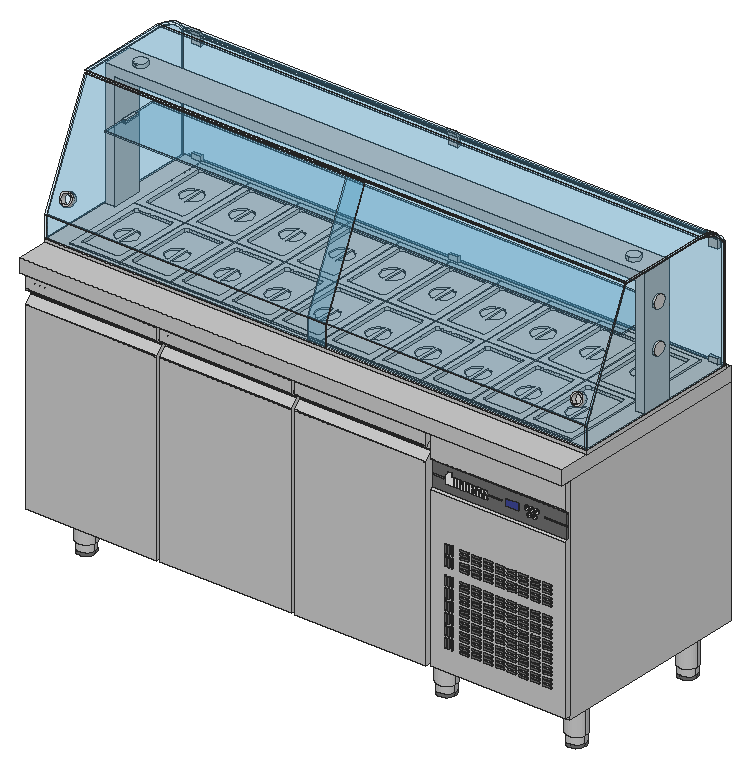
Revit family "QF_INOMAK_ZQFP999_250528111635", category Specialty Equipment, Revit 2021
Family settings
  Round Connector Dimension = Use Diameter
  Part Type = Normal
  OmniClass Number = 23.40.40.14
  OmniClass Title = Food Service Equipment
  Work Plane-Based = No
  Always vertical = Yes
  Cut with Voids When Loaded = No
  Shared = No
  Room Calculation Point = No
Parameters (values of type "ZQFP999")
  Weight [instance] = 168.002 kg
  Warranty Start Date [instance] = ""
  Warranty Duration [instance] = ""
  Volts [instance] = 230 V
  Volt Free Conn [instance] = no
  URL Recommended Spares List [instance] = ""
  URL Manufacturer [instance] = ""
  URL Cutsheet [instance] = ""
  URL Critical Spares List [instance] = ""
  URL = "www.inomak.com"
  Technical Documentation [instance] = ""
  Tag Number [instance] = ""
  Status [instance] = ""
  Start Up Current [instance] = 0 A
  Specification by User [instance] = ""
  Specification by Manufacturer [instance] = ""
  Sound Level [instance] = ""
  Show Logo [instance] = yes
  Show Clearances [instance] = yes
  Service Life Duration [instance] = ""
  Serial Number [instance] = ""
  Seismic Rating [instance] = ""
  SMACNA No [instance] = ""
  Revision Code [instance] = ""
  Revision [instance] = ""
  Production Year [instance] = ""
  Potential Equalisation [instance] = no
  Point Load [instance] = 0
  Phase [instance] = 1
  Other Equipment Approvals [instance] = ""
  Operational Current [instance] = 0 A
  Number of Poles [instance] = 2
  No Load Power Draw [instance] = no
  NAFEM Spec ID Number [instance] = ""
  Model Warning [instance] = ""
  Model = "ZQFP999"
  Min Ckt Ampacity [instance] = 0 A
  Max Overcurrent Protection [instance] = 10 A
  Masterspec [instance] = ""
  Manufacturer = "INOMAK"
  Main switch integrated [instance] = no
  Length Actual [instance] = 1791.97 mm
  Item Number [instance] = ""
  Installed By [instance] = ""
  Installation Date [instance] = ""
  Identify Quantity as Lot [instance] = no
  ID [instance] = ""
  Hygiene Approval [instance] = ""
  Height Actual [instance] = 1312.926 mm
  HP power [instance] = ""
  Furnished By [instance] = ""
  Foodservice Equipment Identifier [instance] = no
  FL Amps [instance] = 4 A
  Electrical Remarks [instance] = ""
  Electric power [instance] = 490 W
  Electric Connection Type [instance] = ""
  Elec Conn RI Height [instance] = 0 mm
  Elec Conn Connection Height [instance] = 0 mm
  ETL Approved [instance] = no
  Description = "ZENOBIA SALADETTE WITH SHOWCASE AND 3 GN 1/1 DOORS"
  Depth Actual [instance] = 700.024 mm
  Default Elevation = 0 mm
  Cycle [instance] = 50 Hz
  Cost = 0
  Connection to energy optimisation system [instance] = yes
  Conn Plug [instance] = ""
  Conn Conduit [instance] = no
  Centralized building control system with digital interface [instance] = ""
  CSI MasterFormat [instance] = ""
  CE Approved [instance] = no
  Barcode [instance] = 0
  Author [instance] = ""
  Asset Identifier [instance] = ""
  Apparent Power [instance] = 490 VA
  Accessory [instance] = no
Reference planes
  plane 1 "Center (Front/Back)": y = 0
  plane 2: z = 0
  plane 3 "Center (Left/Right)": x = 0
Forms (mm)
  Extrusion 1, solid, not visible
    sketch origin (1385.068, -100.005, 146.007) x (1, 0, 0) y (0, 1, 0)
      loop
        line (-2, 2) -> (-2, -2) -> (2, -2) -> (2, 2) -> (-2, 2)
    from -2 to 2
Dimensions and locks
  locked: nested 2 to Extrusion 1 at 2  (x2)
  aligned and locked: level to plane 2
Nested families
  nested 1: "QF_INOMAK_REF_COUNTERS_1810_2920" at (0, 0, 144), type "ZQFP999"
    with Weight 168.002 kg, Warranty Start Date "", Warranty Duration "", URL Cutsheet "", Technical Documentation "", Tag Number "", Status "", Specification by User "", Specification by Manufacturer "", Sound Level "", Solid Fuel Type "", Show Logo yes, Show Clearances yes, Show Clearance yes, Service Life Duration "", Serial Number "", Seismic Rating "", SMACNA No "", Revision Code "", Revision "", Production Year "", Point Load 0, Other Equipment Approvals "", NAFEM Spec ID Number "", Model Warning "", Masterspec "", Length Actual 1791.97 mm, Item Number "", Installed By "", Installation Date "", Identify Quantity as Lot yes, ID "", Hygiene Approval "", Height Actual 1312.926 mm, Furnished By "", Foodservice Equipment Identifier yes, Finish none, ETL Approved yes, Depth Actual 700.024 mm, CSI MasterFormat "", CE Approved yes, Barcode "", Author "", Asset Identifier "", Accessory no
  nested 2: "CONN_POINT_ELE_2D___Generic_Annotation" at (1385.068, -100.005, 144.007), type "CONN_POINT_ELE_2D___Generic_Annotation"
    with Onboard connection annotation symbol visibility yes
  nested 3: "QF_INOMAK_REF_WORKTOPS_WTVF_1810_7123" at (0, 0, 854), type "WTVF-1810-700"
    with Worktop thickness 46 mm, Weight 0.00 kg, Warranty Start Date "", Warranty Duration "", URL Cutsheet "", Technical Documentation "", Tag Number "", Status "", Specification by User "", Specification by Manufacturer "", Sound Level "", Solid Fuel Type "", Show Logo yes, Show Clearances yes, Service Life Duration "", Serial Number "", Seismic Rating "", SMACNA No "", Revision Code "", Revision "", Production Year "", Point Load 0, Other Equipment Approvals "", NAFEM Spec ID Number "", Model Warning "", Masterspec "", Length Actual 1791.97 mm, Item Number "", Installed By "", Installation Date "", Identify Quantity as Lot yes, ID "", Hygiene Approval "", Height Actual 45.974 mm, Height AFF 0 mm, Furnished By "", Foodservice Equipment Identifier yes, Finish none, ETL Approved yes, Depth Actual 700.024 mm, CSI MasterFormat "", CE Approved yes, Barcode "", Author "", Asset Identifier "", Accessory yes
  nested 4: "QF_INOMAK_REF_COUNTERS_LEGS_9528" at (0, 0, 0), type "LG-1790-700"
    with Weight 0.00 kg, Warranty Start Date "", Warranty Duration "", URL Cutsheet "", Technical Documentation "", Tag Number "", Status "", Specification by User "", Specification by Manufacturer "", Sound Level "", Solid Fuel Type "", Show Logo yes, Show Clearances yes, Service Life Duration "", Serial Number "", Seismic Rating "", SMACNA No "", Revision Code "", Revision "", Production Year "", Point Load 0, Other Equipment Approvals "", NAFEM Spec ID Number "", Model Warning "", Masterspec "", Length Actual 1791.97 mm, Legs inset right 70 mm, Legs inset rear 90 mm, Legs inset left 100 mm, Legs inset front 150 mm, Item Number "", Installed By "", Installation Date "", Identify Quantity as Lot yes, ID "", Hygiene Approval "", Height Actual 144.018 mm, Furnished By "", Foodservice Equipment Identifier yes, ETL Approved yes, Depth Actual 700.024 mm, CentralLegs no, CSI MasterFormat "", CE Approved yes, Barcode "", Author "", Asset Identifier "", Accessory yes
Connectors
  electrical at (1385.068, -100.005, 144.007), driven by "Apparent Power", driven by "Number of Poles", driven by "Volts"
    settings: on Extrusion 1, index 1, voltage 230 V, apparent load 0 VA, apparent load phase1 490 VA, apparent load phase2 0 VA, apparent load phase3 0 VA, power factor 1, load classification "Other", number of poles 2, system type 31, power factor state 1, is connector primary yes, connector utility no, sub classification motor no, connector description "Electrical connection for ZQFP999"
Definition of nested family "QF_INOMAK_REF_COUNTERS_1810_2920"
  Parameters (values of type "ZSQP999")
    Weight [instance] = 0.00 kg
    Warranty Start Date [instance] = ""
    Warranty Duration [instance] = ""
    URL Cutsheet [instance] = ""
    URL = "www.inomak.com"
    Technical Documentation [instance] = ""
    Tag Number [instance] = ""
    Status [instance] = ""
    Specification by User [instance] = ""
    Specification by Manufacturer [instance] = ""
    Sound Level [instance] = ""
    Solid Fuel Type [instance] = ""
    Show Logo [instance] = yes
    Show Clearances [instance] = yes
    Show Clearance [instance] = yes
    Service Life Duration [instance] = ""
    Serial Number [instance] = ""
    Seismic Rating [instance] = ""
    SMACNA No [instance] = ""
    Revision Code [instance] = ""
    Revision [instance] = ""
    Production Year [instance] = ""
    Point Load [instance] = 0
    Other Equipment Approvals [instance] = ""
    NAFEM Spec ID Number [instance] = ""
    Model Warning [instance] = ""
    Model = "ZSQP999"
    Masterspec [instance] = ""
    Manufacturer = "INOMAK"
    Length Actual [instance] = 0 mm
    Length = 1792 mm
    Item Number [instance] = ""
    Installed By [instance] = ""
    Installation Date [instance] = ""
    Identify Quantity as Lot [instance] = yes
    ID [instance] = ""
    Hygiene Approval [instance] = ""
    Height Actual [instance] = 0 mm
    Height = 710 mm
    Furnished By [instance] = ""
    Foodservice Equipment Identifier [instance] = yes
    Finish [instance] = none
    ETL Approved [instance] = yes
    Description = "ZENOBIA SALADETTE WITH SQUARE SHOWCASE AND 3 GN 1/1 DOORS"
    Depth Actual [instance] = 0 mm
    Depth = 700 mm
    Default Elevation = 0 mm
    CSI MasterFormat [instance] = ""
    CE Approved [instance] = yes
    Barcode [instance] = ""
    Author [instance] = ""
    Asset Identifier [instance] = ""
    Assembly Code = "E1090320"
    Accessory [instance] = yes
  Types (6, lengths in mm): name | Model | Description
    ZQFP999 | "ZQFP999" | "ZENOBIA SALADETTE WITH SHOWCASE AND 3 GN 1/1 DOORS"
    ZQRP999 | "ZQRP999" | "ZENOBIA SALADETTE COUNTER WITH LENGTH VITRINE AND SPACE ON THE RIGHT SIDE OF THE WORKTOP, 3 GN 1/1 DOORS"
    ZNFP999 | "ZNFP999" | "ZENOBIA SALADETTE WITH 3 GN 1/1 DOORS"
    ZSQP999 | "ZSQP999" | "ZENOBIA SALADETTE WITH SQUARE SHOWCASE AND 3 GN 1/1 DOORS"
    ZVFP999 | "ZVFP999" | "ZENOBIA SALADETTE WITH SINGLE SNEEZE GUARD AND 3 GN 1/1 DOORS"
    ZRFP999 | "ZRFP999" | "ZENOBIA SALADETTE WITH DOUBLE SNEEZE GUARD AND 3 GN 1/1 DOORS"
  Reference planes
    plane 1 "Back": y = 0
    plane 2: z = 0
    plane 3 "Left": x = 0
    plane 4 "Right": x = 1792
    plane 5 "Front": y = -700
    plane 6 "Top": z = 710
  Forms (mm)
    Extrusion 1, solid, material <- "Finish"
      sketch origin (0, 0, 0) x (1, 0, 0) y (0, 1, 0)
        loop
          line (0, -648) -> (30, -648) -> (30, -30) -> (1317, -30) -> (1317, -648) -> (1347, -648) -> (1347, -665) -> (1792, -665) -> (1792, 0) -> (0, 0) -> (0, -648)
      from 0 to 710
    Extrusion 2, solid, material <- "Finish"
      sketch origin (0, 0, 0) x (1, 0, 0) y (0, 1, 0)
        loop
          line (30, -30) -> (30, -648) -> (1317, -648) -> (1317, -30) -> (30, -30)
      from 0 to 45
    Extrusion 3, solid, material <- "Finish"
      sketch origin (0, 0, 710) x (0, 1, 0) y (-1, 0, 0)
        loop
          line (-30, -30) -> (-648, -30) -> (-648, -1317) -> (-30, -1317) -> (-30, -30)
      from 0 to -30
    Extrusion 4, solid, material <- "Finish"
      sketch origin (1792, 0, 0) x (0, -1, 0) y (0, 0, 1)
        loop
          line (683.05, 705) -> (665, 705) -> (665, 10) -> (683.05, 10) -> (683.05, 532.058) -> (676.05, 539.058) -> (676.05, 618.864) -> (683.05, 625.864) -> (683.05, 705)
      from 0 to 445
    Extrusion 5, solid
      sketch origin (0, -700, 0) x (-1, 0, 0) y (0, 0, 1)
        loop
          circle (-1658.654, 586.73) r 6.965
        loop
          circle (-1675.685, 586.73) r 6.965
        loop
          circle (-1692.694, 586.73) r 6.965
        loop
          circle (-1667.18, 568.729) r 6.965
        loop
          circle (-1684.189, 568.729) r 6.965
        loop
          circle (-1658.654, 586.73) r 3.965
        loop
          circle (-1675.685, 586.73) r 3.965
        loop
          circle (-1692.694, 586.73) r 3.965
        loop
          circle (-1667.18, 568.729) r 3.965
        loop
          circle (-1684.189, 568.729) r 3.965
      from 23 to 25.5
    Extrusion 6, solid
      sketch origin (0, -700, 0) x (-1, 0, 0) y (0, 0, 1)
        loop
          line (-1630.865, 590.461) -> (-1630.865, 567.461) -> (-1590.865, 567.461) -> (-1590.865, 590.461) -> (-1630.865, 590.461)
      from 23 to 25.5
    Extrusion 7, solid
      sketch origin (0, -700, 0) x (-1, 0, 0) y (0, 0, 1)
        loop
          line (-1347, 618.864) -> (-1792, 618.864) -> (-1792, 539.058) -> (-1347, 539.058) -> (-1347, 618.864)
      from 23.5 to 25.5
    Extrusion 8, solid, visible <- "Show Logo"
      sketch origin (0, -700, 0) x (-1, 0, 0) y (0, 0, 1)
        loop
          line (-1391.061, 591.01) -> (-1397.061, 591.01) -> (-1397.061, 602.118) -> (-1411.298, 602.118) -> (-1411.298, 591.01) -> (-1417.298, 591.01) -> (-1417.298, 564.76) -> (-1391.061, 564.76) -> (-1391.061, 591.01)
        loop
          line (-1421.613, 590.698) -> (-1428.903, 590.698) -> (-1428.903, 564.76) -> (-1421.613, 564.76) -> (-1421.613, 590.698)
        loop
          line (-1431.422, 564.76) -> (-1431.422, 590.698) -> (-1438.256, 590.698) -> (-1441.449, 578.78) -> (-1441.449, 590.698) -> (-1447.982, 590.698) -> (-1447.982, 564.76) -> (-1441.449, 564.76) -> (-1437.735, 578.623) -> (-1437.735, 564.76) -> (-1431.422, 564.76)
        loop
          line (-1468.664, 564.76) -> (-1468.664, 590.698) -> (-1477.626, 590.698) -> (-1479.988, 576.688) -> (-1482.35, 590.698) -> (-1491.312, 590.698) -> (-1491.312, 564.76) -> (-1484.687, 564.76) -> (-1484.687, 578.623) -> (-1482.35, 564.76) -> (-1477.626, 564.76) -> (-1475.289, 578.623) -> (-1475.289, 564.76) -> (-1468.664, 564.76)
        loop
          line (-1453.851, 590.698) -> (-1463.176, 590.698)
          arc (-1463.176, 590.698) -> (-1465.773, 589.622) -> (-1466.849, 587.026) r 3.672
          line (-1466.849, 587.026) -> (-1466.849, 568.433)
          arc (-1466.849, 568.433) -> (-1465.773, 565.836) -> (-1463.176, 564.76) r 3.672
          line (-1463.176, 564.76) -> (-1453.851, 564.76)
          arc (-1453.851, 564.76) -> (-1451.255, 565.836) -> (-1450.179, 568.433) r 3.672
          line (-1450.179, 568.433) -> (-1450.179, 587.026)
          arc (-1450.179, 587.026) -> (-1451.255, 589.622) -> (-1453.851, 590.698) r 3.672
        loop
          arc (-1457.487, 587.542) -> (-1458.514, 588.569) -> (-1459.541, 587.542) r 1.027
          line (-1459.541, 587.542) -> (-1459.541, 568.949)
          arc (-1459.541, 568.949) -> (-1458.514, 567.922) -> (-1457.487, 568.949) r 1.027
          line (-1457.487, 568.949) -> (-1457.487, 587.542)
        loop
          line (-1492.382, 564.76) -> (-1496.755, 590.698) -> (-1505.615, 590.698) -> (-1509.988, 564.76) -> (-1503.461, 564.76) -> (-1502.852, 569.723) -> (-1499.518, 569.723) -> (-1498.909, 564.76) -> (-1492.382, 564.76)
        loop
          line (-1500.074, 574.252) -> (-1501.185, 583.299) -> (-1502.296, 574.252) -> (-1500.074, 574.252)
        loop
          line (-1510.954, 564.76) -> (-1510.954, 590.698) -> (-1517.579, 590.698) -> (-1517.579, 581.585) -> (-1520.365, 590.698) -> (-1527.803, 590.698) -> (-1523.474, 579.422) -> (-1528.522, 564.76) -> (-1520.939, 564.76) -> (-1517.579, 577.3) -> (-1517.579, 564.76) -> (-1510.954, 564.76)
      from 23 to 25.5
    Extrusion 9, solid
      sketch origin (0, -700, 0) x (-1, 0, 0) y (0, 0, 1)
        loop
          line (-1347, 580.961) -> (-1383.995, 580.961) -> (-1383.995, 576.961) -> (-1347, 576.961) -> (-1347, 580.961)
        loop
          line (-1532, 580.961) -> (-1576.365, 580.961) -> (-1576.365, 576.961) -> (-1532, 576.961) -> (-1532, 580.961)
        loop
          line (-1792, 580.961) -> (-1792, 576.961) -> (-1718.755, 576.961) -> (-1718.755, 580.961) -> (-1792, 580.961)
      from 23 to 25.5
    Extrusion 10, solid, material <- "Finish"
      sketch origin (446, 0, 0) x (0, -1, 0) y (0, 0, -1)
        loop
          line (690, -10) -> (648, -10) -> (648, -700) -> (690, -700) -> (690, -661.747)
          arc (690, -661.747) -> (688.671, -659.935) -> (686.544, -660.657) r 1.9
          line (686.544, -660.657) -> (680.029, -669.961) -> (668.119, -669.961)
          arc (668.119, -669.961) -> (666.433, -669.262) -> (665.734, -667.576) r 2.385
          line (665.734, -667.576) -> (665.734, -640.672)
          arc (665.734, -640.672) -> (665.976, -639.458) -> (666.663, -638.429) r 3.172
          line (666.663, -638.429) -> (689.485, -615.607)
          arc (689.485, -615.607) -> (689.866, -615.037) -> (690, -614.365) r 1.757
          line (690, -614.365) -> (690, -10)
      from 0 to -435
    Extrusion 11, solid, visible <- "Show Clearance", detail levels coarse
      sketch origin (446, -700, 10) x (-1, 0, 0) y (0, 1, 0)
        loop
          line (435, 10) -> (0, 10)
          arc (0, 10) -> (134.757, -285.109) -> (435, -408) r 440.665
          line (435, -408) -> (435, 10)
      from 0 to -690
    Extrusion 12, solid, material <- "Finish"
      sketch origin (891, 0, 0) x (0, -1, 0) y (0, 0, -1)
        loop
          line (690, -10) -> (648, -10) -> (648, -700) -> (690, -700) -> (690, -661.747)
          arc (690, -661.747) -> (688.671, -659.935) -> (686.544, -660.657) r 1.9
          line (686.544, -660.657) -> (680.029, -669.961) -> (668.119, -669.961)
          arc (668.119, -669.961) -> (666.433, -669.262) -> (665.734, -667.576) r 2.385
          line (665.734, -667.576) -> (665.734, -640.672)
          arc (665.734, -640.672) -> (665.976, -639.458) -> (666.663, -638.429) r 3.172
          line (666.663, -638.429) -> (689.485, -615.607)
          arc (689.485, -615.607) -> (689.866, -615.037) -> (690, -614.365) r 1.757
          line (690, -614.365) -> (690, -10)
      from 0 to -435
    Extrusion 13, solid, visible <- "Show Clearance", detail levels coarse
      sketch origin (891, -700, 10) x (-1, 0, 0) y (0, 1, 0)
        loop
          line (435, 10) -> (0, 10)
          arc (0, 10) -> (134.757, -285.109) -> (435, -408) r 440.665
          line (435, -408) -> (435, 10)
      from 0 to -690
    Extrusion 14, solid, material <- "Finish"
      sketch origin (901, 0, 0) x (0, -1, 0) y (0, 0, 1)
        loop
          line (690, 10) -> (690, 614.365)
          arc (690, 614.365) -> (689.866, 615.037) -> (689.485, 615.607) r 1.757
          line (689.485, 615.607) -> (666.663, 638.429)
          arc (666.663, 638.429) -> (665.976, 639.458) -> (665.734, 640.672) r 3.172
          line (665.734, 640.672) -> (665.734, 667.576)
          arc (665.734, 667.576) -> (666.433, 669.262) -> (668.119, 669.961) r 2.385
          line (668.119, 669.961) -> (680.029, 669.961) -> (686.544, 660.657)
          arc (686.544, 660.657) -> (688.671, 659.935) -> (690, 661.747) r 1.9
          line (690, 661.747) -> (690, 700) -> (648, 700) -> (648, 10) -> (690, 10)
      from 0 to -435
    Extrusion 15, solid, visible <- "Show Clearance", detail levels coarse
      sketch origin (901, -700, 10) x (-1, 0, 0) y (0, 1, 0)
        loop
          line (-435, 10) -> (-435, -408)
          arc (-435, -408) -> (-134.757, -285.109) -> (0, 10) r 440.665
          line (0, 10) -> (-435, 10)
      from 0 to -690
  Cuts and joins
    joined: Extrusion 1, Extrusion 2, Extrusion 3
  Lines and regions (mm)
    symbolic lines, visible <- "Show Clearance"
      curve 1: line (0, 0, 0) -> (1792, 0, 0)
      curve 2: line (1792, 0, 0) -> (1792, -700, 0)
      curve 3: line (1792, -700, 0) -> (0, -700, 0)
      curve 4: line (0, -700, 0) -> (0, 0, 0)
      curve 5: line (11, -1108, 0) -> (11, -700, 0)
      curve 6: arc (11, -1108, 0) -> (307.611, -988.559, 0) -> (445.372, -700, 0) r 440.665
      curve 7: line (456, -1108, 0) -> (456, -700, 0)
      curve 8: arc (456, -1108, 0) -> (752.611, -988.559, 0) -> (890.372, -700, 0) r 440.665
      curve 9: line (1336, -1108, 0) -> (1336, -700, 0)
      curve 10: arc (1336, -1108, 0) -> (1039.389, -988.559, 0) -> (901.628, -700, 0) r 440.665
  Dimensions and locks
    "Length": plane 3 "Left" to plane 4 "Right"
    "Depth": plane 5 "Front" to plane 1 "Back"
    "Height": plane 6 "Top" to plane 2
    aligned and locked: level to plane 2
    aligned and locked: plane 6 "Top" to Extrusion 1
    aligned and locked: nested 1 to plane 4 "Right"
    aligned and locked: plane 5 "Front" to nested 1
    aligned and locked: plane 5 "Front" to curve 3
    aligned and locked: curve 5 to Extrusion 11
    aligned and locked: curve 7 to Extrusion 13
    aligned and locked: curve 9 to Extrusion 15
  Automatic sketch dimensions
    plane 1 "Back" to curve 4 = 0 mm
    curve 4 to plane 3 "Left" = 0 mm
    Extrusion 1 sketch curve to plane 3 "Left" = 0 mm
    plane 1 "Back" to Extrusion 1 sketch curve = 0 mm
    Extrusion 1 sketch curve to plane 4 "Right" = 0 mm
    plane 3 "Left" to Extrusion 1 sketch curve = 30 mm
    plane 1 "Back" to Extrusion 1 sketch curve = 30 mm
    plane 4 "Right" to Extrusion 1 sketch curve = 475 mm
    Extrusion 1 sketch curve to Extrusion 1 sketch curve = 30 mm
    plane 5 "Front" to Extrusion 1 sketch curve = 52 mm  (x2)
    plane 5 "Front" to Extrusion 1 sketch curve = 35 mm
    plane 3 "Left" to Extrusion 2 sketch curve = 30 mm
    plane 5 "Front" to Extrusion 2 sketch curve = 52 mm
    plane 4 "Right" to Extrusion 2 sketch curve = 475 mm
    plane 1 "Back" to Extrusion 2 sketch curve = 30 mm
    plane 5 "Front" to Extrusion 3 sketch curve = 52 mm
    plane 1 "Back" to Extrusion 3 sketch curve = 30 mm
    plane 4 "Right" to Extrusion 3 sketch curve = 475 mm
    plane 3 "Left" to Extrusion 3 sketch curve = 30 mm
    plane 3 "Left" to curve 6 = 5.917 mm
    curve 8 to curve 7 = 5.083 mm
    curve 9 to curve 10 = 5.083 mm
    plane 5 "Front" to curve 6 = 32.635 mm
    plane 5 "Front" to curve 10 = 32.635 mm
    plane 5 "Front" to curve 8 = 32.635 mm
    curve 6 to curve 7 = 10.628 mm
    curve 7 to curve 8 = 434.372 mm
    curve 8 to curve 10 = 11.257 mm
    Extrusion 4 sketch curve to plane 6 "Top" = 5 mm
    plane 5 "Front" to Extrusion 4 sketch curve = 35 mm
    plane 5 "Front" to Extrusion 4 sketch curve = 23.95 mm
    Extrusion 4 sketch curve to Extrusion 4 sketch curve = 7 mm  (x4)
    Extrusion 4 sketch curve to Extrusion 4 sketch curve = 79.136 mm
    Extrusion 4 sketch curve to Extrusion 4 sketch curve = 79.807 mm
    level to Extrusion 4 sketch curve = 10 mm
    level to Extrusion 10 sketch curve = 10 mm
    plane 5 "Front" to Extrusion 10 sketch curve = 52 mm
    plane 5 "Front" to Extrusion 10 sketch curve = 34.266 mm
    Extrusion 10 sketch curve to Extrusion 10 sketch curve = 0.929 mm
    Extrusion 10 sketch curve to Extrusion 10 sketch curve = 2.385 mm
    Extrusion 10 sketch curve to Extrusion 10 sketch curve = 3.172 mm
    Extrusion 10 sketch curve to Extrusion 10 sketch curve = 11.91 mm
    Extrusion 10 sketch curve to Extrusion 10 sketch curve = 6.515 mm
    Extrusion 10 sketch curve to Extrusion 10 sketch curve = 1.556 mm
    plane 5 "Front" to Extrusion 10 sketch curve = 11.757 mm
    Extrusion 10 sketch curve to Extrusion 10 sketch curve = 1.242 mm
    Extrusion 10 sketch curve to Extrusion 10 sketch curve = 1.9 mm
    Extrusion 10 sketch curve to Extrusion 10 sketch curve = 0.515 mm
    Extrusion 10 sketch curve to plane 6 "Top" = 95.635 mm
    Extrusion 10 sketch curve to Extrusion 10 sketch curve = 22.822 mm
    Extrusion 10 sketch curve to Extrusion 10 sketch curve = 19.985 mm
    Extrusion 10 sketch curve to Extrusion 10 sketch curve = 6.919 mm
    Extrusion 10 sketch curve to plane 6 "Top" = 10 mm
    plane 5 "Front" to Extrusion 11 sketch curve = 10 mm
    plane 3 "Left" to Extrusion 11 sketch curve = 446 mm
    plane 3 "Left" to Extrusion 11 sketch curve = 11 mm
    plane 3 "Left" to Extrusion 11 sketch curve = 5.917 mm
    Extrusion 11 sketch curve to Extrusion 11 sketch curve = 22.635 mm
    level to Extrusion 12 sketch curve = 10 mm
    plane 5 "Front" to Extrusion 12 sketch curve = 52 mm
    plane 5 "Front" to Extrusion 12 sketch curve = 34.266 mm
    Extrusion 12 sketch curve to Extrusion 12 sketch curve = 0.929 mm
    Extrusion 12 sketch curve to Extrusion 12 sketch curve = 2.385 mm
    Extrusion 12 sketch curve to Extrusion 12 sketch curve = 3.172 mm
    Extrusion 12 sketch curve to Extrusion 12 sketch curve = 11.91 mm
    Extrusion 12 sketch curve to Extrusion 12 sketch curve = 6.515 mm
    Extrusion 12 sketch curve to Extrusion 12 sketch curve = 1.556 mm
    plane 5 "Front" to Extrusion 12 sketch curve = 11.757 mm
    Extrusion 12 sketch curve to Extrusion 12 sketch curve = 1.242 mm
    Extrusion 12 sketch curve to Extrusion 12 sketch curve = 1.9 mm
    Extrusion 12 sketch curve to Extrusion 12 sketch curve = 0.515 mm
    Extrusion 12 sketch curve to plane 6 "Top" = 95.635 mm
    Extrusion 12 sketch curve to Extrusion 12 sketch curve = 22.822 mm
    Extrusion 12 sketch curve to Extrusion 12 sketch curve = 19.985 mm
    Extrusion 12 sketch curve to Extrusion 12 sketch curve = 6.919 mm
    Extrusion 12 sketch curve to plane 6 "Top" = 10 mm
    plane 5 "Front" to Extrusion 13 sketch curve = 10 mm
    plane 3 "Left" to Extrusion 13 sketch curve = 891 mm
    Extrusion 13 sketch curve to Extrusion 13 sketch curve = 435 mm
    Extrusion 13 sketch curve to Extrusion 13 sketch curve = 5.083 mm
    Extrusion 13 sketch curve to Extrusion 13 sketch curve = 22.635 mm
    level to Extrusion 14 sketch curve = 10 mm
    plane 5 "Front" to Extrusion 14 sketch curve = 52 mm
    plane 5 "Front" to Extrusion 14 sketch curve = 34.266 mm
    Extrusion 14 sketch curve to Extrusion 14 sketch curve = 0.929 mm
    Extrusion 14 sketch curve to Extrusion 14 sketch curve = 2.385 mm
    Extrusion 14 sketch curve to Extrusion 14 sketch curve = 3.172 mm
    Extrusion 14 sketch curve to Extrusion 14 sketch curve = 11.91 mm
    Extrusion 14 sketch curve to Extrusion 14 sketch curve = 6.515 mm
    Extrusion 14 sketch curve to Extrusion 14 sketch curve = 1.556 mm
    plane 5 "Front" to Extrusion 14 sketch curve = 11.757 mm
    Extrusion 14 sketch curve to Extrusion 14 sketch curve = 1.242 mm
    Extrusion 14 sketch curve to Extrusion 14 sketch curve = 1.9 mm
    Extrusion 14 sketch curve to Extrusion 14 sketch curve = 0.515 mm
    Extrusion 14 sketch curve to plane 6 "Top" = 95.635 mm
    Extrusion 14 sketch curve to Extrusion 14 sketch curve = 22.822 mm
    Extrusion 14 sketch curve to Extrusion 14 sketch curve = 19.985 mm
    Extrusion 14 sketch curve to Extrusion 14 sketch curve = 6.919 mm
    Extrusion 14 sketch curve to plane 6 "Top" = 10 mm
    plane 5 "Front" to Extrusion 15 sketch curve = 32.635 mm
    plane 4 "Right" to Extrusion 15 sketch curve = 450.917 mm
    Extrusion 15 sketch curve to Extrusion 15 sketch curve = 5.083 mm
    plane 5 "Front" to Extrusion 15 sketch curve = 10 mm
    Extrusion 15 sketch curve to Extrusion 15 sketch curve = 435 mm
    curve 2 to plane 4 "Right" = 0 mm
    Extrusion 5 sketch curve to Extrusion 5 sketch curve = 0 mm  (x13)
    plane 4 "Right" to Extrusion 5 sketch curve = 99.306 mm
    Extrusion 5 sketch curve to Extrusion 5 sketch curve = 8.505 mm
    Extrusion 5 sketch curve to Extrusion 5 sketch curve = 17.009 mm  (x2)
    Extrusion 5 sketch curve to Extrusion 5 sketch curve = 17.03 mm
    Extrusion 5 sketch curve to plane 6 "Top" = 141.271 mm
    Extrusion 5 sketch curve to Extrusion 5 sketch curve = 18.001 mm
    plane 4 "Right" to Extrusion 6 sketch curve = 161.135 mm
    Extrusion 6 sketch curve to Extrusion 6 sketch curve = 40 mm
    Extrusion 6 sketch curve to plane 6 "Top" = 142.539 mm
    Extrusion 6 sketch curve to Extrusion 6 sketch curve = 23 mm
    plane 4 "Right" to Extrusion 7 sketch curve = 0 mm
    Extrusion 7 sketch curve to plane 6 "Top" = 170.942 mm
    Extrusion 7 sketch curve to Extrusion 7 sketch curve = 445 mm
    Extrusion 7 sketch curve to Extrusion 7 sketch curve = 79.807 mm
    plane 4 "Right" to Extrusion 8 sketch curve = 263.478 mm
    Extrusion 8 sketch curve to Extrusion 8 sketch curve = 0.72 mm
    Extrusion 8 sketch curve to plane 6 "Top" = 130.578 mm
    Extrusion 8 sketch curve to Extrusion 8 sketch curve = 4.329 mm
    Extrusion 8 sketch curve to Extrusion 8 sketch curve = 7.584 mm
    Extrusion 8 sketch curve to plane 6 "Top" = 119.302 mm  (x2)
    Extrusion 8 sketch curve to Extrusion 8 sketch curve = 7.438 mm
    Extrusion 8 sketch curve to plane 6 "Top" = 132.7 mm
    Extrusion 8 sketch curve to Extrusion 8 sketch curve = 5.895 mm
    Extrusion 8 sketch curve to plane 6 "Top" = 128.415 mm
    Extrusion 8 sketch curve to Extrusion 8 sketch curve = 0 mm  (x11)
    Extrusion 8 sketch curve to Extrusion 8 sketch curve = 6.625 mm  (x2)
    Extrusion 8 sketch curve to Extrusion 8 sketch curve = 0.965 mm
    Extrusion 8 sketch curve to Extrusion 8 sketch curve = 5.338 mm
    Extrusion 8 sketch curve to Extrusion 8 sketch curve = 6.527 mm  (x2)
    Extrusion 8 sketch curve to plane 6 "Top" = 140.277 mm
    Extrusion 8 sketch curve to Extrusion 8 sketch curve = 0.609 mm
    Extrusion 8 sketch curve to plane 6 "Top" = 135.748 mm
    Extrusion 8 sketch curve to Extrusion 8 sketch curve = 0.556 mm
    Extrusion 8 sketch curve to plane 6 "Top" = 126.701 mm
    Extrusion 8 sketch curve to Extrusion 8 sketch curve = 4.43 mm  (x2)
    Extrusion 8 sketch curve to Extrusion 8 sketch curve = 2.222 mm
    Extrusion 8 sketch curve to Extrusion 8 sketch curve = 3.334 mm
    Extrusion 8 sketch curve to Extrusion 8 sketch curve = 4.552 mm
    Extrusion 8 sketch curve to plane 6 "Top" = 145.24 mm  (x2)
    Extrusion 8 sketch curve to Extrusion 8 sketch curve = 1.069 mm
    Extrusion 8 sketch curve to plane 6 "Top" = 131.377 mm  (x2)
    Extrusion 8 sketch curve to Extrusion 8 sketch curve = 8.962 mm  (x2)
    Extrusion 8 sketch curve to Extrusion 8 sketch curve = 2.337 mm
    Extrusion 8 sketch curve to plane 6 "Top" = 133.312 mm
    Extrusion 8 sketch curve to Extrusion 8 sketch curve = 4.699 mm  (x2)
    Extrusion 8 sketch curve to Extrusion 8 sketch curve = 4.724 mm  (x2)
    Extrusion 8 sketch curve to Extrusion 8 sketch curve = 1.815 mm
    Extrusion 8 sketch curve to Extrusion 8 sketch curve = 3.672 mm  (x8)
    Extrusion 8 sketch curve to Extrusion 8 sketch curve = 3.636 mm  (x3)
    Extrusion 8 sketch curve to Extrusion 8 sketch curve = 1.027 mm
    Extrusion 8 sketch curve to Extrusion 8 sketch curve = 2.197 mm
    Extrusion 8 sketch curve to Extrusion 8 sketch curve = 6.532 mm  (x2)
    Extrusion 8 sketch curve to Extrusion 8 sketch curve = 3.194 mm
    Extrusion 8 sketch curve to Extrusion 8 sketch curve = 3.714 mm
    Extrusion 8 sketch curve to Extrusion 8 sketch curve = 6.313 mm
    Extrusion 8 sketch curve to Extrusion 8 sketch curve = 2.52 mm
    Extrusion 8 sketch curve to Extrusion 8 sketch curve = 7.29 mm
    Extrusion 8 sketch curve to Extrusion 8 sketch curve = 4.315 mm
    Extrusion 8 sketch curve to Extrusion 8 sketch curve = 6 mm
    Extrusion 8 sketch curve to Extrusion 8 sketch curve = 14.237 mm
    Extrusion 8 sketch curve to Extrusion 8 sketch curve = 26.237 mm
    Extrusion 8 sketch curve to Extrusion 8 sketch curve = 14.661 mm
    Extrusion 8 sketch curve to Extrusion 8 sketch curve = 4.963 mm
    Extrusion 8 sketch curve to Extrusion 8 sketch curve = 0.516 mm  (x2)
    Extrusion 8 sketch curve to Extrusion 8 sketch curve = 13.862 mm
    Extrusion 8 sketch curve to Extrusion 8 sketch curve = 0.157 mm
    Extrusion 8 sketch curve to Extrusion 8 sketch curve = 26.25 mm
    Extrusion 8 sketch curve to Extrusion 8 sketch curve = 0.312 mm
    Extrusion 8 sketch curve to Extrusion 8 sketch curve = 11.107 mm
    plane 4 "Right" to Extrusion 9 sketch curve = 0 mm
    Extrusion 9 sketch curve to Extrusion 9 sketch curve = 73.245 mm
    Extrusion 9 sketch curve to Extrusion 9 sketch curve = 142.39 mm
    Extrusion 9 sketch curve to Extrusion 9 sketch curve = 44.365 mm
    Extrusion 9 sketch curve to Extrusion 9 sketch curve = 148.005 mm
    Extrusion 9 sketch curve to Extrusion 9 sketch curve = 36.995 mm
    Extrusion 9 sketch curve to plane 6 "Top" = 133.039 mm  (x3)
    Extrusion 9 sketch curve to Extrusion 9 sketch curve = 4 mm  (x3)
    radius of Extrusion 5 sketch curve = 6.965 mm  (x5)
    radius of Extrusion 5 sketch curve = 3.965 mm  (x5)
  Nested families
    nested 1: "QF_INOMAK_CONRTOL-PANEL" at (1792, 0, 0), type "PNRP9999"
      with Show Clearance yes
  Definition of nested family "QF_INOMAK_CONRTOL-PANEL"
    Parameters (values of type "PNRP9999")
      URL = ""
      Show Logo = yes
      Show Clearance [instance] = yes
      Model = ""
      Manufacturer = ""
      Length = 0 mm
      Height = 710 mm
      Front offset = 80 mm
      Description = ""
      Depth = 700 mm
      Default Elevation = 0 mm
      Assembly Code = ""
    Reference planes
      plane 1 "Back": y = 0
      plane 2: z = 0
      plane 3 "Left": x = 0
      plane 4 "Right": x = 0
      plane 5 "Front": y = -700
      plane 6 "Top": z = 710
      plane 7 "Front offset": y = -620
    Forms (mm)
      Extrusion 1, solid
        sketch origin (-2240, -700, 0) x (-1, 0, 0) y (0, 0, 1)
          loop
            arc (-2191.4, 389.855) -> (-2194.4, 386.855) -> (-2191.4, 383.855) r 3
            line (-2191.4, 383.855) -> (-2167.4, 383.855)
            arc (-2167.4, 383.855) -> (-2164.4, 386.855) -> (-2167.4, 389.855) r 3
            line (-2167.4, 389.855) -> (-2191.4, 389.855)
          loop
            arc (-2152.4, 389.855) -> (-2155.4, 386.855) -> (-2152.4, 383.855) r 3
            line (-2152.4, 383.855) -> (-2128.4, 383.855)
            arc (-2128.4, 383.855) -> (-2125.4, 386.855) -> (-2128.4, 389.855) r 3
            line (-2128.4, 389.855) -> (-2152.4, 389.855)
          loop
            arc (-2113.4, 389.855) -> (-2116.4, 386.855) -> (-2113.4, 383.855) r 3
            line (-2113.4, 383.855) -> (-2089.4, 383.855)
            arc (-2089.4, 383.855) -> (-2086.4, 386.855) -> (-2089.4, 389.855) r 3
            line (-2089.4, 389.855) -> (-2113.4, 389.855)
          loop
            arc (-2074.4, 389.855) -> (-2077.4, 386.855) -> (-2074.4, 383.855) r 3
            line (-2074.4, 383.855) -> (-2050.4, 383.855)
            arc (-2050.4, 383.855) -> (-2047.4, 386.855) -> (-2050.4, 389.855) r 3
            line (-2050.4, 389.855) -> (-2074.4, 389.855)
          loop
            arc (-2035.4, 389.855) -> (-2038.4, 386.855) -> (-2035.4, 383.855) r 3
            line (-2035.4, 383.855) -> (-2011.4, 383.855)
            arc (-2011.4, 383.855) -> (-2008.4, 386.855) -> (-2011.4, 389.855) r 3
            line (-2011.4, 389.855) -> (-2035.4, 389.855)
          loop
            arc (-1996.4, 389.855) -> (-1999.4, 386.855) -> (-1996.4, 383.855) r 3
            line (-1996.4, 383.855) -> (-1972.4, 383.855)
            arc (-1972.4, 383.855) -> (-1969.4, 386.855) -> (-1972.4, 389.855) r 3
            line (-1972.4, 389.855) -> (-1996.4, 389.855)
          loop
            arc (-1957.4, 389.855) -> (-1960.4, 386.855) -> (-1957.4, 383.855) r 3
            line (-1957.4, 383.855) -> (-1933.4, 383.855)
            arc (-1933.4, 383.855) -> (-1930.4, 386.855) -> (-1933.4, 389.855) r 3
            line (-1933.4, 389.855) -> (-1957.4, 389.855)
          loop
            arc (-1918.4, 389.855) -> (-1921.4, 386.855) -> (-1918.4, 383.855) r 3
            line (-1918.4, 383.855) -> (-1894.4, 383.855)
            arc (-1894.4, 383.855) -> (-1891.4, 386.855) -> (-1894.4, 389.855) r 3
            line (-1894.4, 389.855) -> (-1918.4, 389.855)
          loop
            arc (-2191.4, 378.855) -> (-2194.4, 375.855) -> (-2191.4, 372.855) r 3
            line (-2191.4, 372.855) -> (-2167.4, 372.855)
            arc (-2167.4, 372.855) -> (-2164.4, 375.855) -> (-2167.4, 378.855) r 3
            line (-2167.4, 378.855) -> (-2191.4, 378.855)
          loop
            arc (-2152.4, 378.855) -> (-2155.4, 375.855) -> (-2152.4, 372.855) r 3
            line (-2152.4, 372.855) -> (-2128.4, 372.855)
            arc (-2128.4, 372.855) -> (-2125.4, 375.855) -> (-2128.4, 378.855) r 3
            line (-2128.4, 378.855) -> (-2152.4, 378.855)
          loop
            arc (-2113.4, 378.855) -> (-2116.4, 375.855) -> (-2113.4, 372.855) r 3
            line (-2113.4, 372.855) -> (-2089.4, 372.855)
            arc (-2089.4, 372.855) -> (-2086.4, 375.855) -> (-2089.4, 378.855) r 3
            line (-2089.4, 378.855) -> (-2113.4, 378.855)
          loop
            arc (-2074.4, 378.855) -> (-2077.4, 375.855) -> (-2074.4, 372.855) r 3
            line (-2074.4, 372.855) -> (-2050.4, 372.855)
            arc (-2050.4, 372.855) -> (-2047.4, 375.855) -> (-2050.4, 378.855) r 3
            line (-2050.4, 378.855) -> (-2074.4, 378.855)
          loop
            arc (-2035.4, 378.855) -> (-2038.4, 375.855) -> (-2035.4, 372.855) r 3
            line (-2035.4, 372.855) -> (-2011.4, 372.855)
            arc (-2011.4, 372.855) -> (-2008.4, 375.855) -> (-2011.4, 378.855) r 3
            line (-2011.4, 378.855) -> (-2035.4, 378.855)
          loop
            arc (-1996.4, 378.855) -> (-1999.4, 375.855) -> (-1996.4, 372.855) r 3
            line (-1996.4, 372.855) -> (-1972.4, 372.855)
            arc (-1972.4, 372.855) -> (-1969.4, 375.855) -> (-1972.4, 378.855) r 3
            line (-1972.4, 378.855) -> (-1996.4, 378.855)
          loop
            arc (-1957.4, 378.855) -> (-1960.4, 375.855) -> (-1957.4, 372.855) r 3
            line (-1957.4, 372.855) -> (-1933.4, 372.855)
            arc (-1933.4, 372.855) -> (-1930.4, 375.855) -> (-1933.4, 378.855) r 3
            line (-1933.4, 378.855) -> (-1957.4, 378.855)
          loop
            arc (-1918.4, 378.855) -> (-1921.4, 375.855) -> (-1918.4, 372.855) r 3
            line (-1918.4, 372.855) -> (-1894.4, 372.855)
            arc (-1894.4, 372.855) -> (-1891.4, 375.855) -> (-1894.4, 378.855) r 3
            line (-1894.4, 378.855) -> (-1918.4, 378.855)
          loop
            arc (-2191.4, 367.855) -> (-2194.4, 364.855) -> (-2191.4, 361.855) r 3
            line (-2191.4, 361.855) -> (-2167.4, 361.855)
            arc (-2167.4, 361.855) -> (-2164.4, 364.855) -> (-2167.4, 367.855) r 3
            line (-2167.4, 367.855) -> (-2191.4, 367.855)
          loop
            arc (-2152.4, 367.855) -> (-2155.4, 364.855) -> (-2152.4, 361.855) r 3
            line (-2152.4, 361.855) -> (-2128.4, 361.855)
            arc (-2128.4, 361.855) -> (-2125.4, 364.855) -> (-2128.4, 367.855) r 3
            line (-2128.4, 367.855) -> (-2152.4, 367.855)
          loop
            arc (-2113.4, 367.855) -> (-2116.4, 364.855) -> (-2113.4, 361.855) r 3
            line (-2113.4, 361.855) -> (-2089.4, 361.855)
            arc (-2089.4, 361.855) -> (-2086.4, 364.855) -> (-2089.4, 367.855) r 3
            line (-2089.4, 367.855) -> (-2113.4, 367.855)
          loop
            arc (-2074.4, 367.855) -> (-2077.4, 364.855) -> (-2074.4, 361.855) r 3
            line (-2074.4, 361.855) -> (-2050.4, 361.855)
            arc (-2050.4, 361.855) -> (-2047.4, 364.855) -> (-2050.4, 367.855) r 3
            line (-2050.4, 367.855) -> (-2074.4, 367.855)
          loop
            arc (-2035.4, 367.855) -> (-2038.4, 364.855) -> (-2035.4, 361.855) r 3
            line (-2035.4, 361.855) -> (-2011.4, 361.855)
            arc (-2011.4, 361.855) -> (-2008.4, 364.855) -> (-2011.4, 367.855) r 3
            line (-2011.4, 367.855) -> (-2035.4, 367.855)
          loop
            arc (-1996.4, 367.855) -> (-1999.4, 364.855) -> (-1996.4, 361.855) r 3
            line (-1996.4, 361.855) -> (-1972.4, 361.855)
            arc (-1972.4, 361.855) -> (-1969.4, 364.855) -> (-1972.4, 367.855) r 3
            line (-1972.4, 367.855) -> (-1996.4, 367.855)
          loop
            arc (-1957.4, 367.855) -> (-1960.4, 364.855) -> (-1957.4, 361.855) r 3
            line (-1957.4, 361.855) -> (-1933.4, 361.855)
            arc (-1933.4, 361.855) -> (-1930.4, 364.855) -> (-1933.4, 367.855) r 3
            line (-1933.4, 367.855) -> (-1957.4, 367.855)
          loop
            arc (-1918.4, 367.855) -> (-1921.4, 364.855) -> (-1918.4, 361.855) r 3
            line (-1918.4, 361.855) -> (-1894.4, 361.855)
            arc (-1894.4, 361.855) -> (-1891.4, 364.855) -> (-1894.4, 367.855) r 3
            line (-1894.4, 367.855) -> (-1918.4, 367.855)
          loop
            arc (-2191.4, 352.855) -> (-2194.4, 349.855) -> (-2191.4, 346.855) r 3
            line (-2191.4, 346.855) -> (-2167.4, 346.855)
            arc (-2167.4, 346.855) -> (-2164.4, 349.855) -> (-2167.4, 352.855) r 3
            line (-2167.4, 352.855) -> (-2191.4, 352.855)
          loop
            arc (-2152.4, 352.855) -> (-2155.4, 349.855) -> (-2152.4, 346.855) r 3
            line (-2152.4, 346.855) -> (-2128.4, 346.855)
            arc (-2128.4, 346.855) -> (-2125.4, 349.855) -> (-2128.4, 352.855) r 3
            line (-2128.4, 352.855) -> (-2152.4, 352.855)
          loop
            arc (-2113.4, 352.855) -> (-2116.4, 349.855) -> (-2113.4, 346.855) r 3
            line (-2113.4, 346.855) -> (-2089.4, 346.855)
            arc (-2089.4, 346.855) -> (-2086.4, 349.855) -> (-2089.4, 352.855) r 3
            line (-2089.4, 352.855) -> (-2113.4, 352.855)
          loop
            arc (-2074.4, 352.855) -> (-2077.4, 349.855) -> (-2074.4, 346.855) r 3
            line (-2074.4, 346.855) -> (-2050.4, 346.855)
            arc (-2050.4, 346.855) -> (-2047.4, 349.855) -> (-2050.4, 352.855) r 3
            line (-2050.4, 352.855) -> (-2074.4, 352.855)
          loop
            arc (-2035.4, 352.855) -> (-2038.4, 349.855) -> (-2035.4, 346.855) r 3
            line (-2035.4, 346.855) -> (-2011.4, 346.855)
            arc (-2011.4, 346.855) -> (-2008.4, 349.855) -> (-2011.4, 352.855) r 3
            line (-2011.4, 352.855) -> (-2035.4, 352.855)
          loop
            arc (-1996.4, 352.855) -> (-1999.4, 349.855) -> (-1996.4, 346.855) r 3
            line (-1996.4, 346.855) -> (-1972.4, 346.855)
            arc (-1972.4, 346.855) -> (-1969.4, 349.855) -> (-1972.4, 352.855) r 3
            line (-1972.4, 352.855) -> (-1996.4, 352.855)
          loop
            arc (-1957.4, 352.855) -> (-1960.4, 349.855) -> (-1957.4, 346.855) r 3
            line (-1957.4, 346.855) -> (-1933.4, 346.855)
            arc (-1933.4, 346.855) -> (-1930.4, 349.855) -> (-1933.4, 352.855) r 3
            line (-1933.4, 352.855) -> (-1957.4, 352.855)
          loop
            arc (-1918.4, 352.855) -> (-1921.4, 349.855) -> (-1918.4, 346.855) r 3
            line (-1918.4, 346.855) -> (-1894.4, 346.855)
            arc (-1894.4, 346.855) -> (-1891.4, 349.855) -> (-1894.4, 352.855) r 3
            line (-1894.4, 352.855) -> (-1918.4, 352.855)
          loop
            arc (-2191.4, 341.855) -> (-2194.4, 338.855) -> (-2191.4, 335.855) r 3
            line (-2191.4, 335.855) -> (-2167.4, 335.855)
            arc (-2167.4, 335.855) -> (-2164.4, 338.855) -> (-2167.4, 341.855) r 3
            line (-2167.4, 341.855) -> (-2191.4, 341.855)
          loop
            arc (-2152.4, 341.855) -> (-2155.4, 338.855) -> (-2152.4, 335.855) r 3
            line (-2152.4, 335.855) -> (-2128.4, 335.855)
            arc (-2128.4, 335.855) -> (-2125.4, 338.855) -> (-2128.4, 341.855) r 3
            line (-2128.4, 341.855) -> (-2152.4, 341.855)
          loop
            arc (-2113.4, 341.855) -> (-2116.4, 338.855) -> (-2113.4, 335.855) r 3
            line (-2113.4, 335.855) -> (-2089.4, 335.855)
            arc (-2089.4, 335.855) -> (-2086.4, 338.855) -> (-2089.4, 341.855) r 3
            line (-2089.4, 341.855) -> (-2113.4, 341.855)
          loop
            arc (-2074.4, 341.855) -> (-2077.4, 338.855) -> (-2074.4, 335.855) r 3
            line (-2074.4, 335.855) -> (-2050.4, 335.855)
            arc (-2050.4, 335.855) -> (-2047.4, 338.855) -> (-2050.4, 341.855) r 3
            line (-2050.4, 341.855) -> (-2074.4, 341.855)
          loop
            arc (-2035.4, 341.855) -> (-2038.4, 338.855) -> (-2035.4, 335.855) r 3
            line (-2035.4, 335.855) -> (-2011.4, 335.855)
            arc (-2011.4, 335.855) -> (-2008.4, 338.855) -> (-2011.4, 341.855) r 3
            line (-2011.4, 341.855) -> (-2035.4, 341.855)
          loop
            arc (-1996.4, 341.855) -> (-1999.4, 338.855) -> (-1996.4, 335.855) r 3
            line (-1996.4, 335.855) -> (-1972.4, 335.855)
            arc (-1972.4, 335.855) -> (-1969.4, 338.855) -> (-1972.4, 341.855) r 3
            line (-1972.4, 341.855) -> (-1996.4, 341.855)
          loop
            arc (-1957.4, 341.855) -> (-1960.4, 338.855) -> (-1957.4, 335.855) r 3
            line (-1957.4, 335.855) -> (-1933.4, 335.855)
            arc (-1933.4, 335.855) -> (-1930.4, 338.855) -> (-1933.4, 341.855) r 3
            line (-1933.4, 341.855) -> (-1957.4, 341.855)
          loop
            arc (-1918.4, 341.855) -> (-1921.4, 338.855) -> (-1918.4, 335.855) r 3
            line (-1918.4, 335.855) -> (-1894.4, 335.855)
            arc (-1894.4, 335.855) -> (-1891.4, 338.855) -> (-1894.4, 341.855) r 3
            line (-1894.4, 341.855) -> (-1918.4, 341.855)
          loop
            arc (-2191.4, 330.855) -> (-2194.4, 327.855) -> (-2191.4, 324.855) r 3
            line (-2191.4, 324.855) -> (-2167.4, 324.855)
            arc (-2167.4, 324.855) -> (-2164.4, 327.855) -> (-2167.4, 330.855) r 3
            line (-2167.4, 330.855) -> (-2191.4, 330.855)
          loop
            arc (-2152.4, 330.855) -> (-2155.4, 327.855) -> (-2152.4, 324.855) r 3
            line (-2152.4, 324.855) -> (-2128.4, 324.855)
            arc (-2128.4, 324.855) -> (-2125.4, 327.855) -> (-2128.4, 330.855) r 3
            line (-2128.4, 330.855) -> (-2152.4, 330.855)
          loop
            arc (-2113.4, 330.855) -> (-2116.4, 327.855) -> (-2113.4, 324.855) r 3
            line (-2113.4, 324.855) -> (-2089.4, 324.855)
            arc (-2089.4, 324.855) -> (-2086.4, 327.855) -> (-2089.4, 330.855) r 3
            line (-2089.4, 330.855) -> (-2113.4, 330.855)
          loop
            arc (-2074.4, 330.855) -> (-2077.4, 327.855) -> (-2074.4, 324.855) r 3
            line (-2074.4, 324.855) -> (-2050.4, 324.855)
            arc (-2050.4, 324.855) -> (-2047.4, 327.855) -> (-2050.4, 330.855) r 3
            line (-2050.4, 330.855) -> (-2074.4, 330.855)
          loop
            arc (-2035.4, 330.855) -> (-2038.4, 327.855) -> (-2035.4, 324.855) r 3
            line (-2035.4, 324.855) -> (-2011.4, 324.855)
            arc (-2011.4, 324.855) -> (-2008.4, 327.855) -> (-2011.4, 330.855) r 3
            line (-2011.4, 330.855) -> (-2035.4, 330.855)
          loop
            arc (-1996.4, 330.855) -> (-1999.4, 327.855) -> (-1996.4, 324.855) r 3
            line (-1996.4, 324.855) -> (-1972.4, 324.855)
            arc (-1972.4, 324.855) -> (-1969.4, 327.855) -> (-1972.4, 330.855) r 3
            line (-1972.4, 330.855) -> (-1996.4, 330.855)
          loop
            arc (-1957.4, 330.855) -> (-1960.4, 327.855) -> (-1957.4, 324.855) r 3
            line (-1957.4, 324.855) -> (-1933.4, 324.855)
            arc (-1933.4, 324.855) -> (-1930.4, 327.855) -> (-1933.4, 330.855) r 3
            line (-1933.4, 330.855) -> (-1957.4, 330.855)
          loop
            arc (-1918.4, 330.855) -> (-1921.4, 327.855) -> (-1918.4, 324.855) r 3
            line (-1918.4, 324.855) -> (-1894.4, 324.855)
            arc (-1894.4, 324.855) -> (-1891.4, 327.855) -> (-1894.4, 330.855) r 3
            line (-1894.4, 330.855) -> (-1918.4, 330.855)
          loop
            arc (-2191.4, 295.855) -> (-2194.4, 292.855) -> (-2191.4, 289.855) r 3
            line (-2191.4, 289.855) -> (-2167.4, 289.855)
            arc (-2167.4, 289.855) -> (-2164.4, 292.855) -> (-2167.4, 295.855) r 3
            line (-2167.4, 295.855) -> (-2191.4, 295.855)
          loop
            arc (-2152.4, 295.855) -> (-2155.4, 292.855) -> (-2152.4, 289.855) r 3
            line (-2152.4, 289.855) -> (-2128.4, 289.855)
            arc (-2128.4, 289.855) -> (-2125.4, 292.855) -> (-2128.4, 295.855) r 3
            line (-2128.4, 295.855) -> (-2152.4, 295.855)
          loop
            arc (-2113.4, 295.855) -> (-2116.4, 292.855) -> (-2113.4, 289.855) r 3
            line (-2113.4, 289.855) -> (-2089.4, 289.855)
            arc (-2089.4, 289.855) -> (-2086.4, 292.855) -> (-2089.4, 295.855) r 3
            line (-2089.4, 295.855) -> (-2113.4, 295.855)
          loop
            arc (-2074.4, 295.855) -> (-2077.4, 292.855) -> (-2074.4, 289.855) r 3
            line (-2074.4, 289.855) -> (-2050.4, 289.855)
            arc (-2050.4, 289.855) -> (-2047.4, 292.855) -> (-2050.4, 295.855) r 3
            line (-2050.4, 295.855) -> (-2074.4, 295.855)
          loop
            arc (-2035.4, 295.855) -> (-2038.4, 292.855) -> (-2035.4, 289.855) r 3
            line (-2035.4, 289.855) -> (-2011.4, 289.855)
            arc (-2011.4, 289.855) -> (-2008.4, 292.855) -> (-2011.4, 295.855) r 3
            line (-2011.4, 295.855) -> (-2035.4, 295.855)
          loop
            arc (-1996.4, 295.855) -> (-1999.4, 292.855) -> (-1996.4, 289.855) r 3
            line (-1996.4, 289.855) -> (-1972.4, 289.855)
            arc (-1972.4, 289.855) -> (-1969.4, 292.855) -> (-1972.4, 295.855) r 3
            line (-1972.4, 295.855) -> (-1996.4, 295.855)
          loop
            arc (-1957.4, 295.855) -> (-1960.4, 292.855) -> (-1957.4, 289.855) r 3
            line (-1957.4, 289.855) -> (-1933.4, 289.855)
            arc (-1933.4, 289.855) -> (-1930.4, 292.855) -> (-1933.4, 295.855) r 3
            line (-1933.4, 295.855) -> (-1957.4, 295.855)
          loop
            arc (-1918.4, 295.855) -> (-1921.4, 292.855) -> (-1918.4, 289.855) r 3
            line (-1918.4, 289.855) -> (-1894.4, 289.855)
            arc (-1894.4, 289.855) -> (-1891.4, 292.855) -> (-1894.4, 295.855) r 3
            line (-1894.4, 295.855) -> (-1918.4, 295.855)
          loop
            arc (-2191.4, 284.855) -> (-2194.4, 281.855) -> (-2191.4, 278.855) r 3
            line (-2191.4, 278.855) -> (-2167.4, 278.855)
            arc (-2167.4, 278.855) -> (-2164.4, 281.855) -> (-2167.4, 284.855) r 3
            line (-2167.4, 284.855) -> (-2191.4, 284.855)
          loop
            arc (-2152.4, 284.855) -> (-2155.4, 281.855) -> (-2152.4, 278.855) r 3
            line (-2152.4, 278.855) -> (-2128.4, 278.855)
            arc (-2128.4, 278.855) -> (-2125.4, 281.855) -> (-2128.4, 284.855) r 3
            line (-2128.4, 284.855) -> (-2152.4, 284.855)
          loop
            arc (-2113.4, 284.855) -> (-2116.4, 281.855) -> (-2113.4, 278.855) r 3
            line (-2113.4, 278.855) -> (-2089.4, 278.855)
            arc (-2089.4, 278.855) -> (-2086.4, 281.855) -> (-2089.4, 284.855) r 3
            line (-2089.4, 284.855) -> (-2113.4, 284.855)
          loop
            arc (-2074.4, 284.855) -> (-2077.4, 281.855) -> (-2074.4, 278.855) r 3
            line (-2074.4, 278.855) -> (-2050.4, 278.855)
            arc (-2050.4, 278.855) -> (-2047.4, 281.855) -> (-2050.4, 284.855) r 3
            line (-2050.4, 284.855) -> (-2074.4, 284.855)
          loop
            arc (-2035.4, 284.855) -> (-2038.4, 281.855) -> (-2035.4, 278.855) r 3
            line (-2035.4, 278.855) -> (-2011.4, 278.855)
            arc (-2011.4, 278.855) -> (-2008.4, 281.855) -> (-2011.4, 284.855) r 3
            line (-2011.4, 284.855) -> (-2035.4, 284.855)
          loop
            arc (-1996.4, 284.855) -> (-1999.4, 281.855) -> (-1996.4, 278.855) r 3
            line (-1996.4, 278.855) -> (-1972.4, 278.855)
            arc (-1972.4, 278.855) -> (-1969.4, 281.855) -> (-1972.4, 284.855) r 3
            line (-1972.4, 284.855) -> (-1996.4, 284.855)
          loop
            arc (-1957.4, 284.855) -> (-1960.4, 281.855) -> (-1957.4, 278.855) r 3
            line (-1957.4, 278.855) -> (-1933.4, 278.855)
            arc (-1933.4, 278.855) -> (-1930.4, 281.855) -> (-1933.4, 284.855) r 3
            line (-1933.4, 284.855) -> (-1957.4, 284.855)
          loop
            arc (-1918.4, 284.855) -> (-1921.4, 281.855) -> (-1918.4, 278.855) r 3
            line (-1918.4, 278.855) -> (-1894.4, 278.855)
            arc (-1894.4, 278.855) -> (-1891.4, 281.855) -> (-1894.4, 284.855) r 3
            line (-1894.4, 284.855) -> (-1918.4, 284.855)
          loop
            arc (-2191.4, 273.855) -> (-2194.4, 270.855) -> (-2191.4, 267.855) r 3
            line (-2191.4, 267.855) -> (-2167.4, 267.855)
            arc (-2167.4, 267.855) -> (-2164.4, 270.855) -> (-2167.4, 273.855) r 3
            line (-2167.4, 273.855) -> (-2191.4, 273.855)
          loop
            arc (-2152.4, 273.855) -> (-2155.4, 270.855) -> (-2152.4, 267.855) r 3
            line (-2152.4, 267.855) -> (-2128.4, 267.855)
            arc (-2128.4, 267.855) -> (-2125.4, 270.855) -> (-2128.4, 273.855) r 3
            line (-2128.4, 273.855) -> (-2152.4, 273.855)
          loop
            arc (-2113.4, 273.855) -> (-2116.4, 270.855) -> (-2113.4, 267.855) r 3
            line (-2113.4, 267.855) -> (-2089.4, 267.855)
            arc (-2089.4, 267.855) -> (-2086.4, 270.855) -> (-2089.4, 273.855) r 3
            line (-2089.4, 273.855) -> (-2113.4, 273.855)
          loop
            arc (-2074.4, 273.855) -> (-2077.4, 270.855) -> (-2074.4, 267.855) r 3
            line (-2074.4, 267.855) -> (-2050.4, 267.855)
            arc (-2050.4, 267.855) -> (-2047.4, 270.855) -> (-2050.4, 273.855) r 3
            line (-2050.4, 273.855) -> (-2074.4, 273.855)
          loop
            arc (-2035.4, 273.855) -> (-2038.4, 270.855) -> (-2035.4, 267.855) r 3
            line (-2035.4, 267.855) -> (-2011.4, 267.855)
            arc (-2011.4, 267.855) -> (-2008.4, 270.855) -> (-2011.4, 273.855) r 3
            line (-2011.4, 273.855) -> (-2035.4, 273.855)
          loop
            arc (-1996.4, 273.855) -> (-1999.4, 270.855) -> (-1996.4, 267.855) r 3
            line (-1996.4, 267.855) -> (-1972.4, 267.855)
            arc (-1972.4, 267.855) -> (-1969.4, 270.855) -> (-1972.4, 273.855) r 3
            line (-1972.4, 273.855) -> (-1996.4, 273.855)
          loop
            arc (-1957.4, 273.855) -> (-1960.4, 270.855) -> (-1957.4, 267.855) r 3
            line (-1957.4, 267.855) -> (-1933.4, 267.855)
            arc (-1933.4, 267.855) -> (-1930.4, 270.855) -> (-1933.4, 273.855) r 3
            line (-1933.4, 273.855) -> (-1957.4, 273.855)
          loop
            arc (-1918.4, 273.855) -> (-1921.4, 270.855) -> (-1918.4, 267.855) r 3
            line (-1918.4, 267.855) -> (-1894.4, 267.855)
            arc (-1894.4, 267.855) -> (-1891.4, 270.855) -> (-1894.4, 273.855) r 3
            line (-1894.4, 273.855) -> (-1918.4, 273.855)
          loop
            arc (-2191.4, 258.855) -> (-2194.4, 255.855) -> (-2191.4, 252.855) r 3
            line (-2191.4, 252.855) -> (-2167.4, 252.855)
            arc (-2167.4, 252.855) -> (-2164.4, 255.855) -> (-2167.4, 258.855) r 3
            line (-2167.4, 258.855) -> (-2191.4, 258.855)
          loop
            arc (-2152.4, 258.855) -> (-2155.4, 255.855) -> (-2152.4, 252.855) r 3
            line (-2152.4, 252.855) -> (-2128.4, 252.855)
            arc (-2128.4, 252.855) -> (-2125.4, 255.855) -> (-2128.4, 258.855) r 3
            line (-2128.4, 258.855) -> (-2152.4, 258.855)
          loop
            arc (-2113.4, 258.855) -> (-2116.4, 255.855) -> (-2113.4, 252.855) r 3
            line (-2113.4, 252.855) -> (-2089.4, 252.855)
            arc (-2089.4, 252.855) -> (-2086.4, 255.855) -> (-2089.4, 258.855) r 3
            line (-2089.4, 258.855) -> (-2113.4, 258.855)
          loop
            arc (-2074.4, 258.855) -> (-2077.4, 255.855) -> (-2074.4, 252.855) r 3
            line (-2074.4, 252.855) -> (-2050.4, 252.855)
            arc (-2050.4, 252.855) -> (-2047.4, 255.855) -> (-2050.4, 258.855) r 3
            line (-2050.4, 258.855) -> (-2074.4, 258.855)
          loop
            arc (-2035.4, 258.855) -> (-2038.4, 255.855) -> (-2035.4, 252.855) r 3
            line (-2035.4, 252.855) -> (-2011.4, 252.855)
            arc (-2011.4, 252.855) -> (-2008.4, 255.855) -> (-2011.4, 258.855) r 3
            line (-2011.4, 258.855) -> (-2035.4, 258.855)
          loop
            arc (-1996.4, 258.855) -> (-1999.4, 255.855) -> (-1996.4, 252.855) r 3
            line (-1996.4, 252.855) -> (-1972.4, 252.855)
            arc (-1972.4, 252.855) -> (-1969.4, 255.855) -> (-1972.4, 258.855) r 3
            line (-1972.4, 258.855) -> (-1996.4, 258.855)
          loop
            arc (-1957.4, 258.855) -> (-1960.4, 255.855) -> (-1957.4, 252.855) r 3
            line (-1957.4, 252.855) -> (-1933.4, 252.855)
            arc (-1933.4, 252.855) -> (-1930.4, 255.855) -> (-1933.4, 258.855) r 3
            line (-1933.4, 258.855) -> (-1957.4, 258.855)
          loop
            arc (-1918.4, 258.855) -> (-1921.4, 255.855) -> (-1918.4, 252.855) r 3
            line (-1918.4, 252.855) -> (-1894.4, 252.855)
            arc (-1894.4, 252.855) -> (-1891.4, 255.855) -> (-1894.4, 258.855) r 3
            line (-1894.4, 258.855) -> (-1918.4, 258.855)
          loop
            arc (-2191.4, 247.855) -> (-2194.4, 244.855) -> (-2191.4, 241.855) r 3
            line (-2191.4, 241.855) -> (-2167.4, 241.855)
            arc (-2167.4, 241.855) -> (-2164.4, 244.855) -> (-2167.4, 247.855) r 3
            line (-2167.4, 247.855) -> (-2191.4, 247.855)
          loop
            arc (-2152.4, 247.855) -> (-2155.4, 244.855) -> (-2152.4, 241.855) r 3
            line (-2152.4, 241.855) -> (-2128.4, 241.855)
            arc (-2128.4, 241.855) -> (-2125.4, 244.855) -> (-2128.4, 247.855) r 3
            line (-2128.4, 247.855) -> (-2152.4, 247.855)
          loop
            arc (-2113.4, 247.855) -> (-2116.4, 244.855) -> (-2113.4, 241.855) r 3
            line (-2113.4, 241.855) -> (-2089.4, 241.855)
            arc (-2089.4, 241.855) -> (-2086.4, 244.855) -> (-2089.4, 247.855) r 3
            line (-2089.4, 247.855) -> (-2113.4, 247.855)
          loop
            arc (-2074.4, 247.855) -> (-2077.4, 244.855) -> (-2074.4, 241.855) r 3
            line (-2074.4, 241.855) -> (-2050.4, 241.855)
            arc (-2050.4, 241.855) -> (-2047.4, 244.855) -> (-2050.4, 247.855) r 3
            line (-2050.4, 247.855) -> (-2074.4, 247.855)
          loop
            arc (-2035.4, 247.855) -> (-2038.4, 244.855) -> (-2035.4, 241.855) r 3
            line (-2035.4, 241.855) -> (-2011.4, 241.855)
            arc (-2011.4, 241.855) -> (-2008.4, 244.855) -> (-2011.4, 247.855) r 3
            line (-2011.4, 247.855) -> (-2035.4, 247.855)
          loop
            arc (-1996.4, 247.855) -> (-1999.4, 244.855) -> (-1996.4, 241.855) r 3
            line (-1996.4, 241.855) -> (-1972.4, 241.855)
            arc (-1972.4, 241.855) -> (-1969.4, 244.855) -> (-1972.4, 247.855) r 3
            line (-1972.4, 247.855) -> (-1996.4, 247.855)
          loop
            arc (-1957.4, 247.855) -> (-1960.4, 244.855) -> (-1957.4, 241.855) r 3
